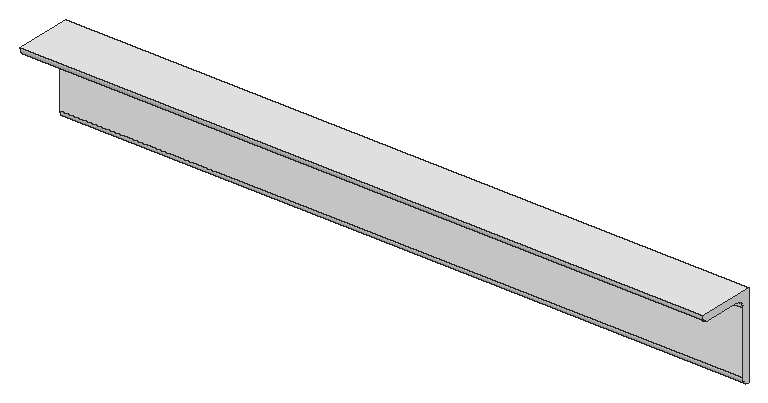
Revit family "0912_Steel Framing_L-KSD3502", category Structural Framing, Revit 2023
Family settings
  Structural Framing Length Roundoff = 0 mm
  Section Shape = Not Defined
  Material for Model Behavior = Steel
  Always export as geometry = No
  OmniClass Number = 23.25.30.11.14.14
  OmniClass Title = Beams
  Always vertical = Yes
  Cut with Voids When Loaded = No
  Symbolic Representation = From Project Settings
  Shared = No
  Show family pre-cut in plan views = Yes
Parameters (values of type "L152X102X12.7")
  Structural Material [instance] = Steel, 45-345
  Perimeter = 0
  Nominal Weight = 0.00 kgf/m
  Length [instance] = 1524 mm
  b = 102 mm
  d = 152 mm
  t = 13 mm
  x = 25 mm
  y = 51 mm
  A = 0.09 m²
Reference planes
  plane 1 "Center (Front/Back)": y = 0
  plane 2: z = 0
  plane 3 "Center (Left/Right)": x = 4.61
  plane 4 "Member Left": x = -604.99
  plane 5 "Member Right": x = 614.21
  plane 6: y = 25
  plane 7: y = -77
  plane 8 "Top": z = 51
  plane 9: z = -101
  plane 10 "Left": x = -757.39
  plane 11 "Right": x = 766.61
Forms (mm)
  Sweep 1, solid, material "Steel, 45-345" <- "Structural Material", detail levels medium
    path origin (0, 0, 0) x (1, 0, 0) y (0, 1, 0)
      loop
        line (614.21, 0) -> (-604.99, 0)
    profile "M_L-Angle-Profile-Medium : M_L-Angle-Profile-Medium" origin (4.61, 0, 0) x (0, -1, 0) y (0, 0, 1)
      loop
        line (-25, -101) -> (-12, -101) -> (-12, 38) -> (77, 38) -> (77, 51) -> (-25, 51) -> (-25, -101)
  Sweep 2, solid, material "Steel, 45-345" <- "Structural Material", detail levels fine
    path origin (0, 0, 0) x (1, 0, 0) y (0, 1, 0)
      loop
        line (614.21, 0) -> (-604.99, 0)
    profile "M_L-Angle-Profile-Fine : M_L-Angle-Profile-Fine" origin (4.61, 0, 0) x (0, -1, 0) y (0, 0, 1)
      loop
        arc (-25, -101) -> (-15.808, -97.192) -> (-12, -88) r 13
        line (-12, -88) -> (-12, 25)
        arc (-12, 25) -> (-8.192, 34.192) -> (1, 38) r 13
        line (1, 38) -> (64, 38)
        arc (64, 38) -> (73.192, 41.808) -> (77, 51) r 13
        line (77, 51) -> (-25, 51) -> (-25, -101)
Lines and regions (mm)
  symbolic lines, style "Hidden Faces", detail levels medium+fine
    curve 1: line (-604.99, 0, 38) -> (614.21, 0, 38)
    curve 2: line (-604.99, 12, 0) -> (614.21, 12, 0)
  symbolic lines, style "Stick Symbols", detail levels coarse
    curve 3: line (4.61, 25, 51) -> (4.61, -77, 51)
    curve 4: line (4.61, 25, -101) -> (4.61, 25, 51)
Dimensions and locks
  "b": plane 6 to plane 7
  "d": plane 9 to plane 8 "Top"
  "x": plane 6 to plane 1 "Center (Front/Back)"
  "y": plane 8 "Top" to plane 2
  "Length": plane 10 "Left" to plane 11 "Right"
  "t": plane 6 to curve 2
  aligned and locked: Sweep 1 sketch curve to plane 1 "Center (Front/Back)"
  aligned and locked: Sweep 2 sketch curve to plane 1 "Center (Front/Back)"
  aligned and locked: Sweep 1 to curve 3
  aligned and locked: curve 4 to Sweep 1
  aligned and locked: curve 3 to Sweep 2
  aligned and locked: curve 4 to Sweep 2
  aligned and locked: plane 4 "Member Left" to Sweep 1 sketch curve
  aligned and locked: plane 5 "Member Right" to Sweep 1 sketch curve
  aligned and locked: plane 4 "Member Left" to Sweep 2 sketch curve
  aligned and locked: plane 5 "Member Right" to Sweep 2 sketch curve
  aligned and locked: plane 4 "Member Left" to curve 2
  aligned and locked: plane 5 "Member Right" to curve 2
  aligned and locked: plane 4 "Member Left" to curve 1
  aligned and locked: plane 5 "Member Right" to curve 1
Automatic sketch dimensions
  plane 8 "Top" to curve 1 = 13 mm
